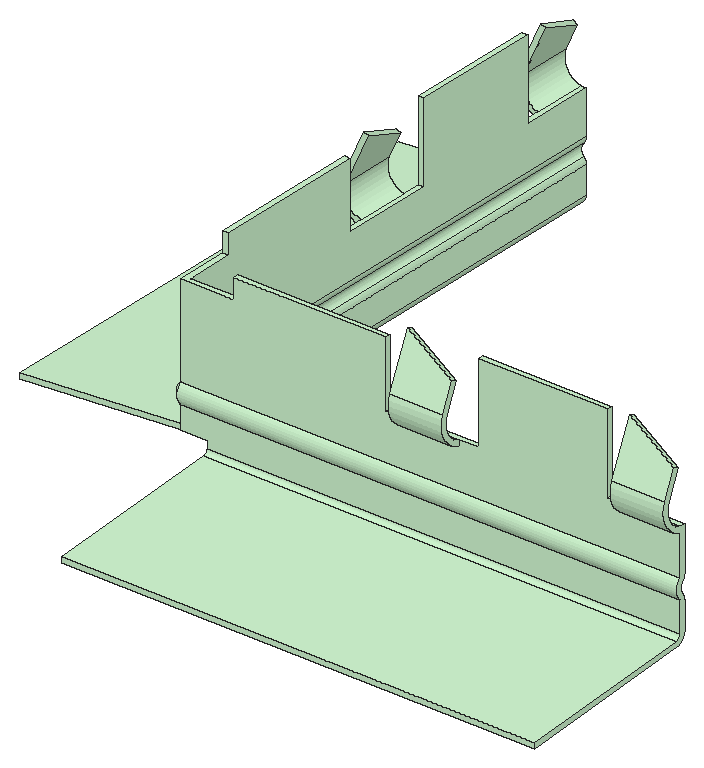
Revit family "AXLL-出隅ジョイント", category 機械設備, Revit 2020
Family settings
  丸型コネクタ寸法 = 直径を使用
  種別 = なし
  パーツ タイプ = 標準
  作業面ベース = いいえ
  常に垂直 = はい
  ロード時にボイドで切り取り = いいえ
  共有 = いいえ
  部屋計算ポイント = いいえ
Parameters
  製造元 = "株式会社桐井製作所"
  既定の高さ = 0 mm
  URL = "https://www.kirii.co.jp/"
  K_材質 = "溶融亜鉛めっき鋼板及び鋼帯 SGCC 一般用"
  K_品名 = "AXLL-出隅ジョイント"
  K_名称 = "AXLLジョイント"
  K_入数 = "200"
  K_バージョン情報 = "20220915"
  K_めっき付着量 = "Z12"
  K_JIS規格 = "JIS G 3302"
Reference planes
  plane 1 "中心(正面/背面)": y = 0
  plane 2: z = 0
  plane 3 "中心(左/右)": x = 0
Forms (mm)
  Extrusion 1, solid
    sketch origin (0, 4.1, 0) x (1, 0, 0) y (0, 0, 1)
      loop
        line (-0.8, 29.996) -> (-0.8, 11)
        arc (-0.8, 11) -> (-1.5, 9.5) -> (-0.8, 8) r 1.957
        line (-0.8, 8) -> (-0.8, 3.394)
        arc (-0.8, 3.394) -> (-0.988, 2.917) -> (-1.451, 2.695) r 0.7
        line (-1.451, 2.695) -> (-28.3, 0.798) -> (-28.3, -0.004) -> (-1.394, 1.897)
        arc (-1.394, 1.897) -> (-0.403, 2.371) -> (0, 3.394) r 1.5
        line (0, 3.394) -> (0, 7.641)
        arc (0, 7.641) -> (-0.076, 8.147) -> (-0.286, 8.613) r 1.86
        arc (-0.286, 8.613) -> (-0.7, 9.5) -> (-0.286, 10.387) r 1.157
        arc (-0.286, 10.387) -> (-0.076, 10.853) -> (0, 11.359) r 1.86
        line (0, 11.359) -> (0, 29.996) -> (-0.8, 29.996)
    from -71.4 to 4.1
  Extrusion 2, void
    sketch origin (-0.8, 4.1, 0) x (0, 1, 0) y (0, 0, -1)
      loop
        line (40.9, -17.996) -> (26.9, -17.996) -> (26.9, -27.996) -> (3.9, -27.996) -> (3.9, -24.996) -> (-4.1, -24.996) -> (-4.1, -29.996) -> (40.9, -29.996) -> (40.9, -17.996)
    from -0.8 to 0
  Extrusion 3, solid
    sketch origin (0, 0, 0) x (0, -1, 0) y (0, 0, -1)
      loop
        arc (0, -3.394) -> (0.188, -2.917) -> (0.651, -2.695) r 0.7
        line (0.651, -2.695) -> (27.5, -0.798) -> (27.5, 0.004) -> (0.594, -1.897)
        arc (0.594, -1.897) -> (-0.397, -2.371) -> (-0.8, -3.394) r 1.5
        line (-0.8, -3.394) -> (-0.8, -7.641)
        arc (-0.8, -7.641) -> (-0.724, -8.147) -> (-0.514, -8.613) r 1.86
        arc (-0.514, -8.613) -> (-0.1, -9.5) -> (-0.514, -10.387) r 1.157
        arc (-0.514, -10.387) -> (-0.724, -10.853) -> (-0.8, -11.359) r 1.86
        line (-0.8, -11.359) -> (-0.8, -30) -> (0, -30) -> (0, -11)
        arc (0, -11) -> (0.7, -9.5) -> (0, -8) r 1.957
        line (0, -8) -> (0, -3.394)
    from -0.8 to 74.7
  Extrusion 4, void
    sketch origin (23.5, 0, 0) x (1, 0, 0) y (0, 0, -1)
      loop
        line (51.2, -17.996) -> (40.2, -17.996) -> (40.2, -30) -> (51.2, -30) -> (51.2, -17.996)
    from 0 to 0.8
  Extrusion 5, void
    sketch origin (0, 0.8, 0) x (1, 0, 0) y (0, 0, -1)
      loop
        line (44.2, -17.996) -> (30.2, -17.996) -> (30.2, -27.996) -> (7.2, -27.996) -> (7.2, -24.996) -> (-0.8, -24.996) -> (-0.8, -29.996) -> (44.2, -29.996) -> (44.2, -17.996)
    from -0.8 to 0
  Extrusion 6, void
    sketch origin (0, 4.5, 0) x (1, 0, 0) y (0, 1, 0)
      loop
        line (3.2, -0.5) -> (-0.8, -0.5) -> (-0.8, -32) -> (3.2, -32) -> (3.2, -0.5)
    from 0 to 4.496
  Extrusion 7, void
    sketch origin (-0.8, 0.8, 0) x (0, 1, 0) y (0, 0, -1)
      loop
        line (75.2, -17.996) -> (63.7, -17.996) -> (63.7, -29.996) -> (75.2, -29.996) -> (75.2, -17.996)
    from -0.8 to 0
  Extrusion 8, void
    sketch origin (3.525, 3.7, 0) x (0, -1, 0) y (1, 0, 0)
      loop
        line (3.7, -0.325) -> (-0.3, -0.325) -> (-0.3, -33.686) -> (3.7, -33.686) -> (3.7, -0.325)
    from 0 to 4.496
  Extrusion 9, solid
    sketch origin (109.772, 0, -1.825) x (0, 1, 0) y (0, 0, 1)
      loop
        line (1.144, 31.605) -> (0.413, 31.93) -> (-2.915, 24.402)
        arc (-2.915, 24.402) -> (-2.72, 21.019) -> (0, 19) r 4
        line (0, 19) -> (0, 19.821)
        arc (0, 19.821) -> (-2.047, 21.458) -> (-2.199, 24.083) r 3.2
        line (-2.199, 24.083) -> (1.144, 31.605)
    from -76.6 to -68.6
  Extrusion 10, void
    sketch origin (-34.028, -12.585, 0.864) x (1, 0, 0) y (0, 0.406186, 0.913791)
      loop
        line (75.2, 28) -> (75.2, 32) -> (67.2, 32) -> (75.2, 28)
    from -0.8 to 0
  Extrusion 11, solid
    sketch origin (143.3, 0, -1.825) x (0, 1, 0) y (0, 0, 1)
      loop
        line (1.144, 31.605) -> (0.413, 31.93) -> (-2.915, 24.402)
        arc (-2.915, 24.402) -> (-2.72, 21.019) -> (0, 19) r 4
        line (0, 19) -> (0, 19.821)
        arc (0, 19.821) -> (-2.047, 21.458) -> (-2.199, 24.083) r 3.2
        line (-2.199, 24.083) -> (1.144, 31.605)
    from -76.6 to -68.6
  Extrusion 12, void
    sketch origin (-0.5, -12.585, 0.864) x (1, 0, 0) y (0, 0.406186, 0.913791)
      loop
        line (75.2, 28) -> (75.2, 32) -> (67.2, 32) -> (75.2, 28)
    from -0.8 to 0
  Extrusion 13, solid
    sketch origin (-0.8, -1.1, -1.825) x (1, 0, 0) y (0, 0, 1)
      loop
        line (1.144, 31.605) -> (0.413, 31.93) -> (-2.915, 24.402)
        arc (-2.915, 24.402) -> (-2.72, 21.019) -> (0, 19) r 4
        line (0, 19) -> (0, 19.821)
        arc (0, 19.821) -> (-2.047, 21.458) -> (-2.199, 24.083) r 3.2
        line (-2.199, 24.083) -> (1.144, 31.605)
    from -76.6 to -68.6
  Extrusion 14, void
    sketch origin (-13.385, 0.3, 0.864) x (0, 1, 0) y (-0.406186, 0, -0.913791)
      loop
        line (75.2, -28) -> (67.2, -32) -> (75.2, -32) -> (75.2, -28)
    from -0.8 to 0
  Extrusion 15, solid
    sketch origin (-0.8, -34.517, -1.825) x (1, 0, 0) y (0, 0, 1)
      loop
        line (1.144, 31.605) -> (0.413, 31.93) -> (-2.915, 24.402)
        arc (-2.915, 24.402) -> (-2.72, 21.019) -> (0, 19) r 4
        line (0, 19) -> (0, 19.821)
        arc (0, 19.821) -> (-2.047, 21.458) -> (-2.199, 24.083) r 3.2
        line (-2.199, 24.083) -> (1.144, 31.605)
    from -76.6 to -68.6
  Extrusion 16, void
    sketch origin (-13.385, -33.117, 0.864) x (0, 1, 0) y (-0.406186, 0, -0.913791)
      loop
        line (75.2, -28) -> (67.2, -32) -> (75.2, -32) -> (75.2, -28)
    from -0.8 to 0
Cuts and joins
  Extrusion 2, Extrusion 7, Extrusion 8 cuts Extrusion 1
  Extrusion 4, Extrusion 5, Extrusion 6, Extrusion 8, Extrusion 10 cuts Extrusion 3
  Extrusion 10 cuts Extrusion 9
  Extrusion 12 cuts Extrusion 11
  Extrusion 14 cuts Extrusion 13
  Extrusion 16 cuts Extrusion 15
  joined: Extrusion 1, Extrusion 3, Extrusion 9, Extrusion 11, Extrusion 13, Extrusion 15
Dimensions and locks
  aligned and locked: level to plane 2
